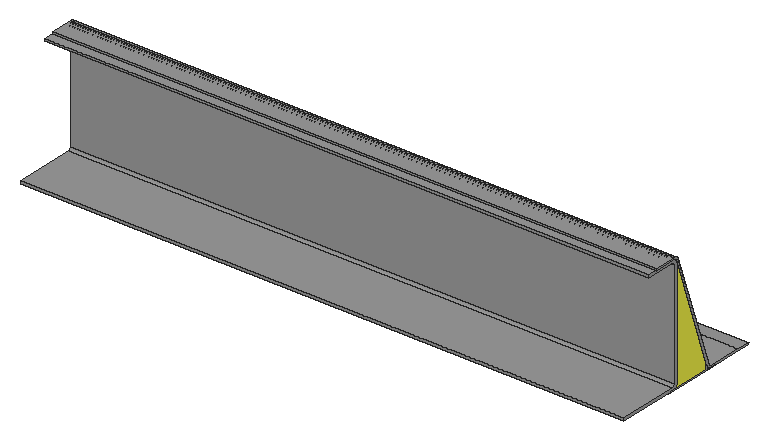
Revit family "XCFS K 90 WIL", category Generic Models, Revit 2014
Parameters (values of type "Max lintel length 3600mm")
  URL = "http://www.keystonelintels.co.uk"
  Structural Opening [instance] = 900 mm
  Structural Performance = "The Keystone lintel range has safe working loads as detailed in each applicable loading table in the Keystone Lintel Guide brochure. The structural performance figures within each table have been ascertained by testing in accordance with the requirements of standards BS EN 5977-2: 1983 and BS EN 845-2: 2003."
  RIBA Productor Selector = "available for Keystone Lintels Ltd from Keystone Lintels Ltd from ribaproductselector.com"
  Model = "XCFS/K 90 WIL"
  Min Length = 600 mm
  Min Clear Span = 300 mm
  Max Length = 3600 mm
  Max Clear Span = 3600 mm
  Material - Stainless Steel = "Grade 304 2b 1.4307 to BS EN 10088-2. Other grades available on request: contact manufacturer."
  Material - Galvanised Steel = "To BS EN 10346: 2009. DX51D plus Z600 or grade Z275 to BS 5977-2: 1983 (BS EN 845-2: 2003)."
  Manufacturer = "Keystone"
  Manufactured Length [instance] = (roundup(Effective Length / 150 mm) * 150 mm)  # 1200 mm
  Lintel height [instance] = 2100 mm
  Keynote = "F30/755"
  Fire Performance = "Keystone lintels have been subjected to a fire test (WARRES No. 101263) in accordance with BS 476-20: 1987, at Exova Warrington Fire and achieved a one hour fire performance."
  End Bearing = 150 mm
  Effective Length [instance] = Clear Opening with MIN MAX set + End Bearing * 2  # 1200 mm
  Corrosion = "Keystone’s standard range of lintels are manufactured from high quality grade pre-galvanized carbon steel with a zinc coating of 600"
  Contact Tel = "+44 (0)28 8676 2184"
  Contact Email = "info@keystonelintels.co.uk"
  Clear Opening with MIN MAX set [instance] = if(Structural Opening < Min Clear Span, Min Clear Span, (if(Structural Opening > Max Clear Span, Max Clear Span, Structural Opening)))  # 900 mm
  CPD Information = "Available for Keystone Lintels Ltd from ribacpd.com"
Reference planes
  plane 1 "Center (Front/Back)": y = 0
  plane 2: z = 0
  plane 3 "Center (Left/Right)": x = 0
  plane 4: x = -600
  plane 5: x = 600
  plane 6: z = 2100
  plane 7: x = -450
  plane 8: x = 450
Forms (mm)
  Extrusion 1, solid, material "Steel"
    sketch origin (0, 703.125, -493.091) x (0, 1, 0) y (0, 0, 1)
      loop
        line (-563.078, 2592.24) -> (-562.968, 2595.438) -> (-587.968, 2596.291) -> (-656.901, 2596.291)
        arc (-656.901, 2596.291) -> (-660.182, 2597.519) -> (-661.853, 2600.599) r 5
        line (-661.853, 2600.599) -> (-738.246, 2822.697)
        arc (-738.246, 2822.697) -> (-741.222, 2826.816) -> (-746.053, 2828.391) r 8.2
        line (-746.053, 2828.391) -> (-791.391, 2828.391) -> (-791.391, 2825.191) -> (-746.053, 2825.191)
        arc (-746.053, 2825.191) -> (-743.096, 2824.222) -> (-741.284, 2821.692) r 5
        line (-741.284, 2821.692) -> (-664.967, 2599.814)
        arc (-664.967, 2599.814) -> (-662.151, 2594.992) -> (-656.901, 2593.091) r 8.2
        line (-656.901, 2593.091) -> (-588.023, 2593.091) -> (-563.078, 2592.24)
    from -600 to 600
  Extrusion 2, solid, material "Steel"
    sketch origin (0, 703.125, -493.091) x (0, 1, 0) y (0, 0, 1)
      loop
        arc (-751.004, 2593.091) -> (-743.933, 2596.02) -> (-741.004, 2603.091) r 10
        line (-741.004, 2603.091) -> (-741.004, 2815.191)
        arc (-741.004, 2815.191) -> (-743.933, 2822.262) -> (-751.004, 2825.191) r 10
        line (-751.004, 2825.191) -> (-811.004, 2825.191) -> (-811.004, 2820.191) -> (-751.004, 2820.191)
        arc (-751.004, 2820.191) -> (-747.468, 2818.727) -> (-746.004, 2815.191) r 5
        line (-746.004, 2815.191) -> (-746.004, 2603.091)
        arc (-746.004, 2603.091) -> (-747.468, 2599.556) -> (-751.004, 2598.091) r 5
        line (-751.004, 2598.091) -> (-871.004, 2598.091) -> (-871.004, 2593.091) -> (-751.004, 2593.091)
    from -600 to 600
  Extrusion 3, solid, material "Steel"
    sketch origin (0, 703.125, -493.091) x (0, 1, 0) y (0, 0, 1)
      loop
        line (-644.504, 2592.091) -> (-644.504, 2593.091) -> (-666.504, 2593.091) -> (-666.504, 2601.091) -> (-667.504, 2601.091) -> (-667.504, 2593.091) -> (-759.504, 2593.091) -> (-759.504, 2592.091) -> (-644.504, 2592.091)
    from -600 to 600
  Extrusion 4, solid, material "Insulation"
    sketch origin (0, 703.125, -493.091) x (0, 1, 0) y (0, 0, 1)
      loop
        line (-751.004, 2593.091) -> (-667.504, 2593.091) -> (-667.504, 2601.091) -> (-666.504, 2601.091) -> (-666.504, 2593.091) -> (-656.901, 2593.091)
        arc (-656.901, 2593.091) -> (-662.151, 2594.992) -> (-664.967, 2599.814) r 8.2
        line (-664.967, 2599.814) -> (-741.284, 2821.692)
        arc (-741.284, 2821.692) -> (-743.096, 2824.222) -> (-746.053, 2825.191) r 5
        line (-746.053, 2825.191) -> (-751.004, 2825.191)
        arc (-751.004, 2825.191) -> (-743.933, 2822.262) -> (-741.004, 2815.191) r 10
        line (-741.004, 2815.191) -> (-741.004, 2603.091)
        arc (-741.004, 2603.091) -> (-743.933, 2596.02) -> (-751.004, 2593.091) r 10
    from -600 to 600
  Extrusion 5, solid, not visible
    sketch origin (0, 954.204, 1224.601) x (0, 1, 0) y (0, 0, 1)
      loop
        line (-563.078, 992.24) -> (-562.968, 995.438) -> (-587.968, 996.291) -> (-656.901, 996.291)
        arc (-656.901, 996.291) -> (-660.182, 997.519) -> (-661.853, 1000.599) r 5
        line (-661.853, 1000.599) -> (-738.246, 1222.697)
        arc (-738.246, 1222.697) -> (-741.222, 1226.816) -> (-746.053, 1228.391) r 8.2
        line (-746.053, 1228.391) -> (-791.391, 1228.391) -> (-791.391, 1225.191) -> (-746.053, 1225.191)
        arc (-746.053, 1225.191) -> (-743.096, 1224.222) -> (-741.284, 1221.692) r 5
        line (-741.284, 1221.692) -> (-664.967, 999.814)
        arc (-664.967, 999.814) -> (-662.151, 994.992) -> (-656.901, 993.091) r 8.2
        line (-656.901, 993.091) -> (-588.023, 993.091) -> (-563.078, 992.24)
    from 0 to 250
  Extrusion 6, solid, not visible
    sketch origin (0, 650.594, 1228.379) x (0, 1, 0) y (0, 0, 1)
      loop
        arc (-751.004, 993.091) -> (-743.933, 996.02) -> (-741.004, 1003.091) r 10
        line (-741.004, 1003.091) -> (-741.004, 1215.191)
        arc (-741.004, 1215.191) -> (-743.933, 1222.262) -> (-751.004, 1225.191) r 10
        line (-751.004, 1225.191) -> (-811.004, 1225.191) -> (-811.004, 1220.191) -> (-751.004, 1220.191)
        arc (-751.004, 1220.191) -> (-747.468, 1218.727) -> (-746.004, 1215.191) r 5
        line (-746.004, 1215.191) -> (-746.004, 1003.091)
        arc (-746.004, 1003.091) -> (-747.468, 999.556) -> (-751.004, 998.091) r 5
        line (-751.004, 998.091) -> (-871.004, 998.091) -> (-871.004, 993.091) -> (-751.004, 993.091)
    from 0 to 250
  Extrusion 7, solid, not visible
    sketch origin (0, 923.644, 1040.085) x (0, 1, 0) y (0, 0, 1)
      loop
        line (-644.504, 992.091) -> (-644.504, 993.091) -> (-666.504, 993.091) -> (-666.504, 1001.091) -> (-667.504, 1001.091) -> (-667.504, 993.091) -> (-759.504, 993.091) -> (-759.504, 992.091) -> (-644.504, 992.091)
    from 0 to 250
  Extrusion 8, solid, not visible
    sketch origin (0, 504.339, 862.657) x (0, 1, 0) y (0, 0, 1)
      loop
        line (-751.004, 993.091) -> (-667.504, 993.091) -> (-667.504, 1001.091) -> (-666.504, 1001.091) -> (-666.504, 993.091) -> (-656.901, 993.091)
        arc (-656.901, 993.091) -> (-662.151, 994.992) -> (-664.967, 999.814) r 8.2
        line (-664.967, 999.814) -> (-741.284, 1221.692)
        arc (-741.284, 1221.692) -> (-743.096, 1224.222) -> (-746.053, 1225.191) r 5
        line (-746.053, 1225.191) -> (-751.004, 1225.191)
        arc (-751.004, 1225.191) -> (-743.933, 1222.262) -> (-741.004, 1215.191) r 10
        line (-741.004, 1215.191) -> (-741.004, 1003.091)
        arc (-741.004, 1003.091) -> (-743.933, 996.02) -> (-751.004, 993.091) r 10
    from 0 to 250
Dimensions and locks
  equal spacing: plane 4, plane 3 "Center (Left/Right)", plane 5
  "Manufactured Length": plane 4 to plane 5
  "Lintel height": plane 6 to level
  "Structural Opening": plane 7 to plane 8
  equal spacing: plane 7, plane 3 "Center (Left/Right)", plane 8
  aligned and locked: level to plane 2
  aligned and locked: Extrusion 1 to plane 6
  aligned and locked: Extrusion 4 to plane 6
  aligned and locked: Extrusion 2 to plane 6
  aligned and locked: plane 6 to Extrusion 3
  aligned and locked: plane 5 to Extrusion 2
  aligned and locked: Extrusion 2 to plane 4
  aligned and locked: plane 5 to Extrusion 4
  aligned and locked: Extrusion 4 to plane 4
  aligned and locked: plane 5 to Extrusion 3
  aligned and locked: Extrusion 3 to plane 4
  aligned and locked: plane 5 to Extrusion 1
  aligned and locked: Extrusion 1 to plane 4
Automatic sketch dimensions
  Extrusion 1 sketch curve to Extrusion 1 sketch curve = 24.945 mm
  Extrusion 1 sketch curve to Extrusion 1 sketch curve = 0.109 mm
  Extrusion 1 sketch curve to Extrusion 1 sketch curve = 0.851 mm
  Extrusion 1 sketch curve to Extrusion 1 sketch curve = 0.055 mm
  Extrusion 1 sketch curve to Extrusion 1 sketch curve = 68.878 mm
  Extrusion 1 sketch curve to Extrusion 1 sketch curve = 0 mm  (x8)
  Extrusion 1 sketch curve to Extrusion 1 sketch curve = 5 mm
  Extrusion 1 sketch curve to Extrusion 1 sketch curve = 8.066 mm
  Extrusion 1 sketch curve to Extrusion 1 sketch curve = 3.114 mm
  Extrusion 1 sketch curve to Extrusion 1 sketch curve = 73.279 mm
  Extrusion 1 sketch curve to Extrusion 1 sketch curve = 222.883 mm
  Extrusion 1 sketch curve to Extrusion 1 sketch curve = 3.038 mm
  Extrusion 1 sketch curve to Extrusion 1 sketch curve = 1.006 mm
  Extrusion 1 sketch curve to Extrusion 1 sketch curve = 4.77 mm
  Extrusion 1 sketch curve to Extrusion 1 sketch curve = 1.5 mm
  Extrusion 1 sketch curve to Extrusion 1 sketch curve = 45.337 mm
  Extrusion 2 sketch curve to Extrusion 2 sketch curve = 120 mm
  Extrusion 2 sketch curve to Extrusion 2 sketch curve = 5 mm  (x3)
  Extrusion 2 sketch curve to Extrusion 2 sketch curve = 0 mm  (x8)
  Extrusion 2 sketch curve to Extrusion 2 sketch curve = 212.1 mm
  Extrusion 2 sketch curve to Extrusion 2 sketch curve = 60 mm
  Extrusion 3 sketch curve to Extrusion 3 sketch curve = 1 mm  (x2)
  Extrusion 3 sketch curve to Extrusion 3 sketch curve = 22 mm
  Extrusion 3 sketch curve to Extrusion 3 sketch curve = 93 mm
  Extrusion 3 sketch curve to Extrusion 3 sketch curve = 8 mm
  Extrusion 3 sketch curve to Extrusion 3 sketch curve = 0 mm
  Extrusion 4 sketch curve to Extrusion 4 sketch curve = 83.5 mm
  Extrusion 4 sketch curve to Extrusion 4 sketch curve = 8 mm
  Extrusion 4 sketch curve to Extrusion 4 sketch curve = 1 mm
  Extrusion 4 sketch curve to Extrusion 4 sketch curve = 0 mm  (x3)
  Extrusion 4 sketch curve to Extrusion 4 sketch curve = 9.603 mm  (x2)
  Extrusion 4 sketch curve to Extrusion 4 sketch curve = 8.2 mm
  Extrusion 4 sketch curve to Extrusion 4 sketch curve = 1.537 mm
  Extrusion 4 sketch curve to Extrusion 4 sketch curve = 9.72 mm
  Extrusion 4 sketch curve to Extrusion 4 sketch curve = 228.6 mm
  Extrusion 4 sketch curve to Extrusion 4 sketch curve = 10 mm  (x2)
  Extrusion 4 sketch curve to Extrusion 4 sketch curve = 6.5 mm
  Extrusion 4 sketch curve to Extrusion 4 sketch curve = 4.77 mm
  Extrusion 4 sketch curve to Extrusion 4 sketch curve = 1.5 mm
  Extrusion 4 sketch curve to Extrusion 4 sketch curve = 4.951 mm
  Extrusion 4 sketch curve to Extrusion 4 sketch curve = 1.277 mm
  Extrusion 5 sketch curve to Extrusion 5 sketch curve = 24.945 mm
  Extrusion 5 sketch curve to Extrusion 5 sketch curve = 0.109 mm
  Extrusion 5 sketch curve to Extrusion 5 sketch curve = 0.851 mm
  Extrusion 5 sketch curve to Extrusion 5 sketch curve = 0.055 mm
  Extrusion 5 sketch curve to Extrusion 5 sketch curve = 68.878 mm
  Extrusion 5 sketch curve to Extrusion 5 sketch curve = 0 mm  (x8)
  Extrusion 5 sketch curve to Extrusion 5 sketch curve = 5 mm
  Extrusion 5 sketch curve to Extrusion 5 sketch curve = 8.066 mm
  Extrusion 5 sketch curve to Extrusion 5 sketch curve = 3.114 mm
  Extrusion 5 sketch curve to Extrusion 5 sketch curve = 73.279 mm
  Extrusion 5 sketch curve to Extrusion 5 sketch curve = 222.883 mm
  Extrusion 5 sketch curve to Extrusion 5 sketch curve = 3.038 mm
  Extrusion 5 sketch curve to Extrusion 5 sketch curve = 1.006 mm
  Extrusion 5 sketch curve to Extrusion 5 sketch curve = 4.77 mm
  Extrusion 5 sketch curve to Extrusion 5 sketch curve = 1.5 mm
  Extrusion 5 sketch curve to Extrusion 5 sketch curve = 45.337 mm
  Extrusion 6 sketch curve to Extrusion 6 sketch curve = 120 mm
  Extrusion 6 sketch curve to Extrusion 6 sketch curve = 5 mm  (x3)
  Extrusion 6 sketch curve to Extrusion 6 sketch curve = 0 mm  (x8)
  Extrusion 6 sketch curve to Extrusion 6 sketch curve = 212.1 mm
  Extrusion 6 sketch curve to Extrusion 6 sketch curve = 60 mm
  Extrusion 7 sketch curve to Extrusion 7 sketch curve = 1 mm  (x2)
  Extrusion 7 sketch curve to Extrusion 7 sketch curve = 22 mm
  Extrusion 7 sketch curve to Extrusion 7 sketch curve = 93 mm
  Extrusion 7 sketch curve to Extrusion 7 sketch curve = 8 mm
  Extrusion 7 sketch curve to Extrusion 7 sketch curve = 0 mm
  Extrusion 8 sketch curve to Extrusion 8 sketch curve = 83.5 mm
  Extrusion 8 sketch curve to Extrusion 8 sketch curve = 8 mm
  Extrusion 8 sketch curve to Extrusion 8 sketch curve = 1 mm
  Extrusion 8 sketch curve to Extrusion 8 sketch curve = 0 mm  (x3)
  Extrusion 8 sketch curve to Extrusion 8 sketch curve = 9.603 mm  (x2)
  Extrusion 8 sketch curve to Extrusion 8 sketch curve = 8.2 mm
  Extrusion 8 sketch curve to Extrusion 8 sketch curve = 1.537 mm
  Extrusion 8 sketch curve to Extrusion 8 sketch curve = 9.72 mm
  Extrusion 8 sketch curve to Extrusion 8 sketch curve = 228.6 mm
  Extrusion 8 sketch curve to Extrusion 8 sketch curve = 10 mm  (x2)
  Extrusion 8 sketch curve to Extrusion 8 sketch curve = 6.5 mm
  Extrusion 8 sketch curve to Extrusion 8 sketch curve = 4.77 mm
  Extrusion 8 sketch curve to Extrusion 8 sketch curve = 1.5 mm
  Extrusion 8 sketch curve to Extrusion 8 sketch curve = 4.951 mm
  Extrusion 8 sketch curve to Extrusion 8 sketch curve = 1.277 mm
  Extrusion 3 sketch curve to plane 6 = 0 mm
  plane 1 "Center (Front/Back)" to Extrusion 3 sketch curve = 56.379 mm
  Extrusion 2 sketch curve to plane 6 = 0 mm
  plane 1 "Center (Front/Back)" to Extrusion 2 sketch curve = 167.879 mm
  Extrusion 4 sketch curve to plane 6 = 0 mm
  plane 1 "Center (Front/Back)" to Extrusion 4 sketch curve = 47.879 mm
  Extrusion 1 sketch curve to plane 6 = 0 mm
  plane 1 "Center (Front/Back)" to Extrusion 1 sketch curve = 88.265 mm
